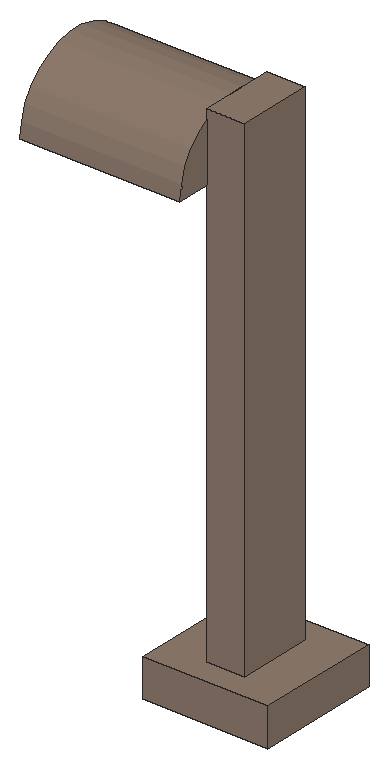
Revit family "BL8411", category Generic Models, Revit 2014
Parameters
  LENS = Acrylic
  HOUSING = Bronze, Architectural
  BASE = Bronze, Architectural
  ARM = Bronze, Architectural
Reference planes (in)
  plane 1 "Center (Front/Back)": y = 0
  plane 2: z = 0
  plane 3 "Center (Left/Right)": x = 0
  plane 4: y = 5
  plane 5: y = -5
Forms (in)
  Extrusion 1, solid, material "Bronze, Architectural" <- "HOUSING"
    sketch origin (-5.625, 20.27344, 0) x (0, 1, 0) y (0, 0, 1)
      loop
        arc (-14.64983, 36.99997) -> (-20.27344, 42.49997) -> (-25.89705, 36.99997) r 5.625
        line (-25.89705, 36.99997) -> (-14.64983, 36.99997)
    from -0.75 to 12
  Extrusion 2, solid, material "Bronze, Architectural" <- "ARM"
    sketch origin (0, 57.61709, 30.49987) x (0, -1, 0) y (1, 0, 0)
      loop
        line (54.61709, 6.375) -> (60.61709, 6.375) -> (60.61709, 9.4375) -> (54.61709, 9.4375) -> (54.61709, 6.375)
    from -27.4999 to 12
  Extrusion 3, solid, material "Bronze, Architectural" <- "BASE"
    sketch origin (0, 0, 0) x (1, 0, 0) y (0, 0, 1)
      loop
        line (12.90625, 0) -> (12.90625, 2.99997) -> (2.90625, 2.99997) -> (2.90625, 0) -> (12.90625, 0)
    from -5 to 5
  Extrusion 4, void
    sketch origin (0, 0, 0) x (1, 0, 0) y (0, 0, 1)
      loop
        line (5.25, 36.99997) -> (5.25, 37.12497) -> (6.125, 37.12497) -> (6.125, 37.49997) -> (6.25, 37.49997) -> (6.25, 38.25165) -> (-6.25, 38.25165) -> (-6.25, 37.49997) -> (-6.125, 37.49997) -> (-6.125, 37.12497) -> (-5.25, 37.12497) -> (-5.25, 36.99997) -> (5.25, 36.99997)
    from -5.36794 to 5.34882
  Extrusion 5, solid, material "Acrylic" <- "LENS"
    sketch origin (0, 0, 0) x (1, 0, 0) y (0, 0, 1)
      loop
        line (6.125, 37.12497) -> (6.125, 37.24997) -> (-6.125, 37.24997) -> (-6.125, 37.12497) -> (6.125, 37.12497)
    from -5.36794 to 5.34882
Cuts and joins
  Extrusion 4 cuts Extrusion 1
Dimensions and locks (in)
  aligned and locked: plane 2 to level
